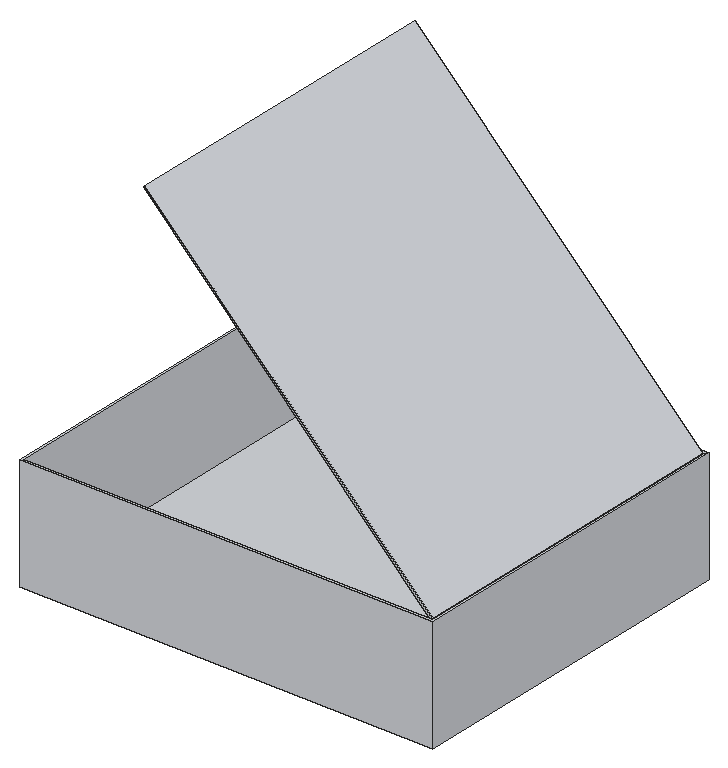
Revit family "Hager-Univers-IP41-leer-Aufputz-DE-de", category Electrical Equipment, host Face, Revit 2020
Family settings
  Host = Face
  Panel Configuration = Two Columns, Circuits Across
  Round Connector Dimension = Use Diameter
  Part Type = Panelboard
  Cut with Voids When Loaded = No
  Shared = No
  Room Calculation Point = No
Parameters (values of type "Aufputz IP41 B540 H450 T148 0 Teilungseinheiten - FB3008SN")
  Width Control [instance] = if([HG000006 - Unterputz], if([EF000846 - Einbaubreite] > min_whd, [EF000846 - Einbaubreite], min_whd), if([EF000008 - Breite] > min_whd, ([EF000008 - Breite]), min_whd))  # 540 mm
  Void Depth [instance] = if([HG000006 - Unterputz], Depth Control, 1 mm)  # 1 mm
  Type Comments = [HG000003 - Bereich]  # "Univers"
  System Height [instance] = Height Control - 2 * [HG000005 - Dicke]  # 444 mm
  Model = [HG000004 - Herstellerreferenz]  # "FB3008SN"
  HG000017 - Distanz zwischen den Polen = 18 mm
  HG000016 - 3D-Türsichtbarkeit [instance] = yes
  HG000015 - Sichtbarkeit der Türöffnung [instance] = no
  HG000014 - Tür rechts [instance] = yes
  HG000013 - Tür links [instance] = not([HG000014 - Tür rechts])  # no
  HG000012 - Türschwenkwinkel [instance] = 45.00°
  HG000011 - Leere Reihen von unten = no
  HG000010 - Asymmetrische Türen = no
  HG000009 - Doppelflügeligen Tür = no
  HG000008 - Anzahl der leeren Reihen = 0
  HG000007 - Anzahl der leeren Spalten = 0
  HG000006 - Unterputz = no
  HG000005 - Dicke = 3 mm  # constant formula
  HG000004 - Herstellerreferenz = "FB3008SN"
  HG000003 - Bereich = "Univers"
  HG000002 - Mit tür = yes
  HG000001 - Anzahl der Spalten = 0
  EF015941 - Signaldurchlassende Tür = no
  EF015777 - Neutralleiterklemmenblock = no
  EF015776 - Erdungsklemmenblock = no
  EF009212 - Ausführung Deckel = "EV000116 - geschlossen"
  EF006306 - Mit Schloss = no
  EF006244 - Transparenter Deckel/Tür = no
  EF005474 - Schutzart (IP) = "EV006416 - IP41"
  EF004462 - Art der Schließung = ""
  EF002950 - Breite in Teilungseinheiten = 0
  EF001596 - Werkstoff des Gehäuses = "EV000154 - sonstige"
  EF001134 - DIN-Schiene = no
  EF001131 - Innentiefe = 84 mm
  EF001088 - Anbaumöglichkeit = no
  EF001062 - EMV-Ausführung = no
  EF000846 - Einbaubreite = 300 mm
  EF000339 - Art der Abdeckung = "EV004216 - Tür"
  EF000332 - Einbauhöhe = 0 mm
  EF000266 - Anzahl der Reihen = 0
  EF000218 - Einbautiefe = 84 mm
  EF000118 - Mit Montageplatte = no
  EF000116 - RAL-Nummer = "9010"
  EF000049 - Tiefe = 148 mm
  EF000040 - Höhe = 450 mm
  EF000008 - Breite = 540 mm
  EF000007 - Farbe = "EV000202 - weiß"
  EF000003 - Montageart = "EV000384 - Aufputz"
  Arrow Offset [instance] = Depth Control / 8  # 18.5 mm
  Arrow Height [instance] = Depth Control - Arrow Offset  # 129.5 mm
  Host Offset [instance] = if([HG000006 - Unterputz], 0 mm, [EF000049 - Tiefe])  # 148 mm
  min_whd [instance] = (2 * [HG000005 - Dicke]) + 1 mm  # 7 mm
  Manufacturer = "Hager"  # constant formula
  Height Control [instance] = if([HG000006 - Unterputz], if([EF000332 - Einbauhöhe] > min_whd, [EF000332 - Einbauhöhe], min_whd), if([EF000040 - Höhe] > min_whd, ([EF000040 - Höhe]), min_whd))  # 450 mm
  Flush Mounted - Door Frame Width [instance] = if(([EF000040 - Höhe] - [EF000332 - Einbauhöhe]) > 0 mm, if([HG000006 - Unterputz], [EF000040 - Höhe] - [EF000332 - Einbauhöhe], 0 mm), 0 mm)  # 0 mm
  Depth Control [instance] = if([HG000006 - Unterputz], if([EF000218 - Einbautiefe] > 0 mm, [EF000218 - Einbautiefe], 1 mm), if([EF000049 - Tiefe] > 0 mm, ([EF000049 - Tiefe]), 1 mm))  # 148 mm
  Default Elevation = 0 mm
Types (3, lengths in mm): name | Width Control | System Height | Model | HG000004 - Herstellerreferenz | EF004462 - Art der Schließung | EF000846 - Einbaubreite | EF000049 - Tiefe | EF000040 - Höhe | EF000008 - Breite | Arrow Offset | Arrow Height | Host Offset | Height Control | Depth Control
  Aufputz IP41 B350 H350 T128 0 Teilungseinheiten - FB2008LN | 350 | 344 | "FB2008LN" | "FB2008LN" | "EV000154 - sonstige" | 200 | 128 | 350 | 350 | 16 | 112 | 128 | 350 | 128
  Aufputz IP41 B450 H450 T128 0 Teilungseinheiten - FB3008LN | 450 | 444 | "FB3008LN" | "FB3008LN" | "EV000154 - sonstige" | 300 | 128 | 450 | 450 | 16 | 112 | 128 | 450 | 128
  Aufputz IP41 B540 H450 T148 0 Teilungseinheiten - FB3008SN | 540 | 444 | "FB3008SN" | "FB3008SN" | "" | 300 | 148 | 450 | 540 | 18.5 | 129.5 | 148 | 450 | 148
Reference planes
  plane 1 "Center (Front/Back)": y = 0
  plane 2: z = 0
  plane 3 "Center (Left/Right)": x = 0
  plane 4: z = 148
  plane 5: y = 3
  plane 6: z = 143
  plane 7: y = 225
  plane 8: y = 0
  plane 9: y = 450
  plane 10: z = 0
  plane 11: x = -270
  plane 12: x = 270
  plane 13: x = 267
  plane 14: x = -267
  plane 15: y = 447
  plane 16: z = 3
  plane 17: z = 145
  plane 18: z = -1
  plane 19: z = 145
Forms (mm)
  Extrusion 1, solid
    sketch origin (-583.045, 0, 1219.2) x (-1, 0, 0) y (0, 0, 1)
      loop
        line (-313.045, -1071.2) -> (-853.045, -1071.2) -> (-853.045, -1219.2) -> (-313.045, -1219.2) -> (-313.045, -1071.2)
    from 0 to 450 <- "Height Control"
  Extrusion 2, void
    sketch origin (-381.607, -4572, 148) x (0, -1, 0) y (-1, 0, 0)
      loop
        line (-5019, -114.607) -> (-5019, -648.607) -> (-4575, -648.607) -> (-4575, -114.607) -> (-5019, -114.607)
    from 0 to 145
  Extrusion 3, void
    sketch origin (0, 0, 0) x (1, 0, 0) y (0, 1, 0)
      loop
        line (-270, 0) -> (270, 0) -> (270, 450) -> (-270, 450) -> (-270, 0)
    from -1 to 1
  Extrusion 4, solid, detail levels coarse+medium
    sketch origin (-381.607, -4572, 148) x (-1, 0, 0) y (0, -1, 0)
      loop
        line (-114.607, -5019) -> (-114.607, -4575) -> (-648.607, -4575) -> (-648.607, -5019) -> (-114.607, -5019)
    from 0 to -3
Cuts and joins
  Extrusion 2 cuts Extrusion 1
Dimensions and locks
  plane 4 to plane 6 = 5 mm
  "Host Offset": plane 4 to host face
  "Flush Mounted - Door Frame Width": plane 1 "Center (Front/Back)" to plane 8
  "HG000005 - Dicke": plane 5 to plane 8
  locked: connector elem to plane 3 "Center (Left/Right)"
  "Height Control": plane 9 to plane 8
  equal spacing: plane 9, plane 7, plane 8
  locked: connector elem to plane 7
  "Depth Control": plane 4 to plane 10
  "HG000005 - Dicke": plane 11 to plane 14
  "HG000005 - Dicke": plane 12 to plane 13
  equal spacing: plane 11, plane 3 "Center (Left/Right)", plane 12
  "Width Control": plane 11 to plane 12
  "Arrow Offset": nested 4 to plane 10
  "HG000005 - Dicke": plane 9 to plane 15
  "HG000005 - Dicke": plane 16 to plane 10
  "HG000005 - Dicke": plane 4 to plane 17
  "Void Depth": plane 2 to plane 18
  "HG000005 - Dicke": plane 4 to plane 19
  aligned and locked: plane 2 to host face
  aligned and locked: level to host face
  aligned and locked: plane 3 "Center (Left/Right)" to nested 2
  aligned and locked: nested 2 to plane 4
  aligned and locked: nested 2 to plane 8
  aligned and locked: nested 1 to plane 6
  aligned and locked: nested 1 to plane 5
  aligned and locked: nested 4 to plane 11
  aligned and locked: nested 3 to plane 4
  aligned and locked: Extrusion 1 sketch curve to plane 12
  aligned and locked: Extrusion 1 sketch curve to plane 11
  aligned and locked: nested 3 to plane 10
  aligned and locked: plane 10 to Extrusion 1 sketch curve
  aligned and locked: Extrusion 2 sketch curve to plane 5
  aligned and locked: Extrusion 2 sketch curve to plane 15
  aligned and locked: Extrusion 2 sketch curve to plane 14
  aligned and locked: Extrusion 2 sketch curve to plane 13
  aligned and locked: plane 11 to Extrusion 3 sketch curve
  aligned and locked: plane 9 to Extrusion 3 sketch curve
  aligned and locked: Extrusion 3 sketch curve to plane 8
  aligned and locked: plane 12 to Extrusion 3 sketch curve
  aligned and locked: nested 3 to plane 12
  aligned and locked: Extrusion 3 to plane 18
  aligned and locked: Extrusion 2 to plane 16
  aligned and locked: Extrusion 1 sketch curve to plane 4
  aligned and locked: Extrusion 4 to plane 17
  aligned and locked: Extrusion 4 sketch curve to plane 15
  aligned and locked: Extrusion 4 sketch curve to plane 13
  aligned and locked: Extrusion 4 sketch curve to plane 14
  aligned and locked: Extrusion 4 sketch curve to plane 5
Automatic sketch dimensions
  host sketch curve to host sketch curve = 1469.727 mm
  host sketch curve to host sketch curve = 1434.803 mm
Nested families
  nested 1: "Hager_Enclosure_System" at (0, 3, 143) x (1, 0, 0) z (0, 1, 0), Depth <- "HG000005 - Dicke", Height <- "System Height", Width <- "EF000008 - Breite", Border <- "HG000005 - Dicke", Flush_Mounted <- "HG000006 - Unterputz", Built-in_Width <- "EF000846 - Einbaubreite", Row_Module_Multiplicator <- "EF002950 - Breite in Teilungseinheiten", Total_No_Empty_Rows <- "HG000008 - Anzahl der leeren Reihen", Total_No_Rows <- "EF000266 - Anzahl der Reihen", Empty_Columns <- "HG000007 - Anzahl der leeren Spalten", Width_Control <- "Width Control", Empty_Rows_From_Bottom <- "HG000011 - Leere Reihen von unten", Distance_Between_Poles <- "HG000017 - Distanz zwischen den Polen", Rows_Count <- "EF000266 - Anzahl der Reihen", Columns_Count <- "HG000001 - Anzahl der Spalten", type "Hager_Enclosure_System", detail levels fine
    with Width_Control 540 mm, Width 540 mm, Total_No_Rows 0, Total_No_Empty_Rows 0, Total_No_Columns 1, System_Width 534 mm, Rows_Count 0, Rows_Column 0, Row_Module_Multiplicator 0, Panel_4 no, Panel_3 no, Panel_2 no, Panel_1 no, No_Panels_Ctrl 1, Hide_Columns yes, Height 444 mm, Flush_Mounted no, Empty_Rows_From_Bottom no, Empty_Rows_Column 0, Empty_Columns 0, Distance_Between_Poles 18 mm, Depth 3 mm, Columns_Count 0, Column_Width 534 mm, Built-in_Width 300 mm, Border 3 mm
  nested 2: "Hager_Enclosure_Door" at (0, 0, 148) x (1, 0, 0) z (0, 1, 0), Border <- "HG000005 - Dicke", Door_Right <- "HG000014 - Tür rechts", Flush_Mounted <- "HG000006 - Unterputz", Depth <- "EF000049 - Tiefe", Width <- "EF000008 - Breite", Door_Left <- "HG000013 - Tür links", 3d_Door <- "HG000016 - 3D-Türsichtbarkeit", BuiltIn_Width <- "EF000846 - Einbaubreite", BuiltIn_Height <- "EF000332 - Einbauhöhe", BuiltIn_Depth <- "EF000218 - Einbautiefe", Angle <- "HG000012 - Türschwenkwinkel", Assymetrical <- "HG000010 - Asymmetrische Türen", Double <- "HG000009 - Doppelflügeligen Tür", Clearance <- "HG000015 - Sichtbarkeit der Türöffnung", Transparent <- "EF006244 - Transparenter Deckel/Tür", Door <- "HG000002 - Mit tür", Height_Ctrl <- "Height Control", Width_Ctrl <- "Width Control", Height <- "EF000040 - Höhe", type "Hager_Enclosure_Door", detail levels medium+fine
    with min_wh 7 mm, Width_Ctrl 540 mm, Width 540 mm, Transparent_Door_No_Bottom_Border no, Transparent no, Leaf_Width 531 mm, Leaf_Tolerance 1.5 mm, Leaf_Height 441 mm, Leaf_2_Width 531 mm, Leaf_2_Offset 265.5 mm, Leaf_1_Width 531 mm, Leaf_1_Offset 265.5 mm, Height_Ctrl 450 mm, Height 450 mm, Frame_Width_Ctrl 240 mm, Frame_Width 240 mm, Frame_Internal_Offset 0 mm, Frame_Height_Ctrl 450 mm, Frame_Height 450 mm, Frame_Depth_Ctrl 1 mm, Frame_Depth 0 mm, Flush_Mounted no, Double_Clearance_Ctrl no, Double no, Door_Right_Ctrl yes, Door_Right yes, Door_Left_Ctrl no, Door_Left no, Door yes, Depth 148 mm, Clearance_Depth 531 mm, Clearance_Ctrl no, Clearance no, BuiltIn_Width 300 mm, BuiltIn_Height 0 mm, BuiltIn_Depth 84 mm, Border 3 mm, Assymetrical no, Angle 45.00°, 3d_Door yes
  nested 3: "Hager_Enclosure_Symbol_Triangle" at (-270, 0, 0) x (1, 0, 0) z (0, -1, 0), Depth <- "Depth Control", Width <- "Width Control", type "Hager_Enclosure_Symbol_Triangle"
    with Width_Ctrl 540 mm, Width 540 mm, Depth_Ctrl 148 mm, Depth 148 mm
  nested 4: "Hager_Enclosure_Symbol_Arrow" at (-270, 0, 18.5) x (1, 0, 0) z (0, -1, 0), Height <- "Arrow Height", type "Hager_Enclosure_Symbol_Arrow"
    with Width_Inside 9.713 mm, Width 116.55 mm, Height_Ctrl 129.5 mm, Height 129.5 mm
Connectors
  electrical at (0, 225, 0)
    settings: on plane 10, index 1, voltage 0 V, apparent load 0 VA, apparent load phase1 0 VA, apparent load phase2 0 VA, apparent load phase3 0 VA, power factor 1, load classification "Other", number of poles 1, system type 30, power factor state 1, is connector primary yes, connector utility no, sub classification motor no, connector description ""
Definition of nested family "Hager_Enclosure_Door"
  Parameters (values of type "Hager_Enclosure_Door")
    min_wh [instance] = (2 * Border) + 1 mm  # 11 mm
    Width_Ctrl [instance] = 400 mm
    Width [instance] = 500 mm
    Transparent_Door_No_Bottom_Border [instance] = no
    Transparent [instance] = yes
    Leaf_Width [instance] = if((Width_Ctrl - 2 * Border - 2 * Leaf_Tolerance) > 0 mm, (Width_Ctrl - 2 * Border - 2 * Leaf_Tolerance), min_wh)  # 387 mm
    Leaf_Tolerance [instance] = 1.5 mm  # constant formula
    Leaf_Height [instance] = if((Height_Ctrl - 2 * Border - 2 * Leaf_Tolerance) > 0 mm, (Height_Ctrl - 2 * Border - 2 * Leaf_Tolerance), min_wh)  # 387 mm
    Leaf_2_Width [instance] = if(and(and(Double, Assymetrical), Door_Left), (Leaf_Width / 3) - (Leaf_Tolerance / 2), if(and(and(Double, Assymetrical), Door_Right), (Leaf_Width / 3) * 2 - (Leaf_Tolerance / 2), if(and(Double, not(Assymetrical)), (Leaf_Width / 2) - Leaf_Tolerance, Leaf_Width)))  # 387 mm
    Leaf_2_Offset [instance] = if(and(Double, Assymetrical), Leaf_2_Width / 2, if(and(Double, not(Assymetrical)), Leaf_Width / 4, Leaf_Width / 2))  # 193.5 mm
    Leaf_1_Width [instance] = if(and(and(Double, Assymetrical), Door_Right), (Leaf_Width / 3) - (Leaf_Tolerance / 2), if(and(and(Double, Assymetrical), Door_Left), (Width / 3) * 2 - (Leaf_Tolerance / 2), if(and(Double, not(Assymetrical)), (Leaf_Width / 2) - Leaf_Tolerance, Leaf_Width)))  # 387 mm
    Leaf_1_Offset [instance] = if(and(Double, Assymetrical), Leaf_1_Width / 2, if(and(Double, not(Assymetrical)), Leaf_Width / 4, Leaf_Width / 2))  # 193.5 mm
    Height_Ctrl [instance] = 400 mm
    Height [instance] = 500 mm
    Frame_Width_Ctrl [instance] = if(Frame_Width > 0 mm, Frame_Width, 1 mm)  # 1 mm
    Frame_Width [instance] = Width - BuiltIn_Width  # 0 mm
    Frame_Internal_Offset [instance] = if(Flush_Mounted, Border, 0 mm)  # 5 mm
    Frame_Height_Ctrl [instance] = if(Frame_Height > 0 mm, Frame_Height, 1 mm)  # 1 mm
    Frame_Height [instance] = Height - BuiltIn_Height  # 0 mm
    Frame_Depth_Ctrl [instance] = if(Frame_Depth > 0 mm, Frame_Depth, 1 mm)  # 1 mm
    Frame_Depth [instance] = if(Depth - BuiltIn_Depth > 0 mm, if(Flush_Mounted, Depth - BuiltIn_Depth, 0 mm), 0 mm)  # 0 mm
    Flush_Mounted [instance] = yes
    Double_Clearance_Ctrl [instance] = and(Double, Clearance)  # no
    Double [instance] = no
    Door_Right_Ctrl [instance] = and(or(Door_Right, Double), Door)  # yes
    Door_Right [instance] = yes
    Door_Left_Ctrl [instance] = and(or(Door_Left, Double), Door)  # no
    Door_Left [instance] = no
    Door [instance] = yes
    Depth [instance] = 500 mm
    Default Elevation = 1219.2 mm
    Clearance_Material = none
    Clearance_Depth [instance] = if(Leaf_1_Width > Leaf_2_Width, Leaf_1_Width, Leaf_2_Width)  # 387 mm
    Clearance_Ctrl [instance] = and(not(Double), Clearance)  # yes
    Clearance [instance] = yes
    BuiltIn_Width [instance] = 500 mm
    BuiltIn_Height [instance] = 500 mm
    BuiltIn_Depth [instance] = 500 mm
    Border [instance] = 5 mm
    Assymetrical [instance] = yes
    Angle [instance] = 30.00°
    3d_Door [instance] = yes
  Reference planes
    plane 1 "Center (Front/Back)": y = 0
    plane 2 "Bottom": z = 0
    plane 3 "Center (Left/Right)": x = 0
    plane 4: z = 400
    plane 5: x = -200
    plane 6: x = 200
    plane 7: z = 395
    plane 8: x = -195
    plane 9: z = 5
    plane 10: x = 195
    plane 11: y = 0
    plane 12: z = 6.5
    plane 13: x = -582
    plane 14: y = -387
    plane 15: x = 582
    plane 16: x = 0
    plane 17: x = 0
    plane 18: x = -193.5
    plane 19: x = 193.5
    plane 20: z = 393.5
  Forms (mm)
    Extrusion 1, solid, visible <- "Flush_Mounted"
      sketch origin (0, 0, 0) x (1, 0, 0) y (0, 0, 1)
        loop
          line (195, 5) -> (195, 395) -> (-195, 395) -> (-195, 5) -> (195, 5)
        loop
          line (-201, 401) -> (-201, -1) -> (201, -1) -> (201, 401) -> (-201, 401)
      from 0 to 1 <- "Frame_Depth_Ctrl"
    Extrusion 2, solid, material <- "Clearance_Material", visible <- "Double_Clearance_Ctrl"
      sketch origin (1200, 0, 0) x (1, 0, 0) y (0, 0, -1)
        loop
          line (-1782, -393.5) -> (-618, -393.5) -> (-618, 0) -> (-1782, 0) -> (-1782, -393.5)
      from 0 to -387
  Dimensions and locks
    equal spacing: plane 5, plane 3 "Center (Left/Right)", plane 6
    "Width_Ctrl": plane 5 to plane 6
    "Border": plane 5 to plane 8
    "Border": plane 6 to plane 10
    "Border": plane 9 to level
    "Border": plane 4 to plane 7
    "Height_Ctrl": plane 4 to level
    "Leaf_Tolerance": plane 12 to plane 9
    "Frame_Depth": plane 11 to plane 1 "Center (Front/Back)"
    "Frame_Width_Ctrl": plane 5 to Extrusion 1 sketch curve
    "Frame_Width_Ctrl": plane 6 to Extrusion 1 sketch curve
    "Frame_Width_Ctrl": Extrusion 1 sketch curve to plane 4
    "Frame_Width_Ctrl": plane 2 "Bottom" to Extrusion 1 sketch curve
    "Leaf_1_Offset": plane 18 to plane 16
    "Leaf_2_Offset": plane 17 to plane 19
    "Leaf_1_Width": plane 13 to plane 8
    "Leaf_2_Width": plane 10 to plane 15
    "Clearance_Depth": plane 14 to plane 1 "Center (Front/Back)"
    "Leaf_Tolerance": plane 8 to plane 18
    "Leaf_Tolerance": plane 19 to plane 10
    "Leaf_Tolerance": plane 7 to plane 20
    "Frame_Internal_Offset": plane 5 to Extrusion 1 sketch curve
    "Frame_Internal_Offset": Extrusion 1 sketch curve to plane 2 "Bottom"
    "Frame_Internal_Offset": plane 6 to Extrusion 1 sketch curve
    "Frame_Internal_Offset": plane 4 to Extrusion 1 sketch curve
    aligned and locked: level to plane 2 "Bottom"
    aligned and locked: nested 1 to plane 16
    aligned and locked: nested 2 to plane 17
    aligned and locked: Extrusion 2 to plane 13
    aligned and locked: plane 15 to Extrusion 2
    aligned and locked: Extrusion 2 to plane 14
    aligned and locked: plane 12 to nested 1
    aligned and locked: nested 2 to plane 12
    aligned and locked: Extrusion 2 to plane 11
    aligned and locked: plane 20 to Extrusion 2
    aligned and locked: nested 2 to plane 11
    aligned and locked: nested 1 to plane 11
  Automatic sketch dimensions
    Extrusion 2 sketch curve to level = 0 mm
    plane 5 to Extrusion 2 sketch curve = 382 mm
    plane 6 to Extrusion 2 sketch curve = 382 mm
    Extrusion 2 sketch curve to plane 4 = 6.5 mm
  Nested families
    nested 1: "Hager_Enclosure_Door_Leaf" at (0, 0, 6.5), Width <- "Leaf_1_Width", visible <- "Door_Left_Ctrl", Leaf_Height <- "Leaf_Height", Angle <- "Angle", Depth <- "Border", 3d_Door <- "3d_Door", Transparent <- "Transparent", Clearance Material <- "Clearance_Material", Clearance <- "Clearance_Ctrl", Transparent_Door_No_Bottom_Border <- "Transparent_Door_No_Bottom_Border", type "Hager_Enclosure_Door_Leaf"
      with Width 387 mm, Transparent_Door_No_Bottom_Border no, Transparent_Door_Border_Bottom_Top 25 mm, Transparent_Door_Border 25 mm, Transparent_Ctrl yes, Transparent yes, Standard no, Leaf_Height 387 mm, Glass_Offset 1 mm, Depth 5 mm, Clearance Material none, Clearance yes, Angle_Ctrl 30.00°, Angle 30.00°, 3d_Door yes
    nested 2: "Hager_Enclosure_Door_Leaf" at (0, 0, 6.5) x (-1, 0, 0) z (0, 0, 1), Width <- "Leaf_2_Width", visible <- "Door_Right_Ctrl", Leaf_Height <- "Leaf_Height", Angle <- "Angle", Depth <- "Border", 3d_Door <- "3d_Door", Transparent <- "Transparent", Clearance Material <- "Clearance_Material", Clearance <- "Clearance_Ctrl", Transparent_Door_No_Bottom_Border <- "Transparent_Door_No_Bottom_Border", type "Hager_Enclosure_Door_Leaf"
      with Width 387 mm, Transparent_Door_No_Bottom_Border no, Transparent_Door_Border_Bottom_Top 25 mm, Transparent_Door_Border 25 mm, Transparent_Ctrl yes, Transparent yes, Standard no, Leaf_Height 387 mm, Glass_Offset 1 mm, Depth 5 mm, Clearance Material none, Clearance yes, Angle_Ctrl 30.00°, Angle 30.00°, 3d_Door yes
  Definition of nested family "Hager_Enclosure_Door_Leaf"
    Parameters (values of type "Hager_Enclosure_Door_Leaf")
      Width [instance] = 2000 mm
      Transparent_Door_No_Bottom_Border [instance] = yes
      Transparent_Door_Border_Bottom_Top [instance] = if(Transparent_Door_No_Bottom_Border, 0.1 mm, Transparent_Door_Border)  # 0.1 mm
      Transparent_Door_Border [instance] = if(Transparent_Door_No_Bottom_Border, (Width * 0.12), 25 mm)  # 240 mm
      Transparent_Ctrl [instance] = and(Transparent, [3d_Door])  # yes
      Transparent [instance] = yes
      Standard [instance] = and(not(Transparent), [3d_Door])  # no
      Leaf_Height [instance] = 2720.336 mm
      Glass_Offset [instance] = if((Depth - 10 mm) / 2 > 0 mm, (Depth - 10 mm) / 2, 1 mm)  # 15 mm
      Glass_Material = none
      Depth [instance] = 40 mm
      Default Elevation = 0 mm
      Clearance Material [instance] = none
      Clearance [instance] = yes
      Angle_Ctrl [instance] = if(Angle > 170.00°, 170.00°, Angle)  # 45.00°
      Angle [instance] = 45.00°
      3d_Door [instance] = yes
    Reference planes
      plane 1 "Center (Front/Back)": y = 0
      plane 2: z = 0
      plane 3 "Center (Left/Right)": x = 0
      plane 4: y = 2000
      plane 5: x = -1000
      plane 6: x = 1000
      plane 7: x = -3000
      plane 8: z = 2720.336
      plane 9: z = 0.1
      plane 10: z = 2720.236
      plane 11: x = 760
      plane 12: x = -760
    Forms (mm)
      Extrusion 1, solid, material <- "Clearance Material", visible <- "Clearance"
        sketch origin (0, 0, 0) x (1, 0, 0) y (0, 0, 1)
          loop
            line (-3000, 2720.336) -> (-3000, 0) -> (1000, 0) -> (1000, 2720.336) -> (-3000, 2720.336)
        from 0 to -2000
      Extrusion 2, solid, visible <- "Standard", detail levels medium+fine
        sketch origin (-1000, 0, 0) x (0.707107, 0.707107, 0) y (-0.707107, 0.707107, 0)
          loop
            line (0, -40) -> (2000, -40) -> (2000, 0) -> (0, 0) -> (0, -40)
        from 0 to 2720.336 <- "Leaf_Height"
      Extrusion 3, solid, visible <- "Transparent_Ctrl", detail levels medium+fine
        sketch origin (-1000, 0, 0) x (0.707107, 0.707107, 0) y (-0.707107, 0.707107, 0)
          loop
            line (0, -40) -> (2000, -40) -> (2000, 0) -> (0, 0) -> (0, -40)
        from 0 to 2720.336 <- "Leaf_Height"
      Extrusion 4, void, detail levels medium+fine
        sketch origin (-1000, 0, 0) x (-0.707107, 0.707107, 0) y (0.707107, 0.707107, 0)
          loop
            line (0, 240) -> (0, 1760) -> (-40, 1760) -> (-40, 240) -> (0, 240)
        from -2720.236 to -0.1
      Extrusion 5, solid, material <- "Glass_Material", visible <- "Transparent_Ctrl", detail levels medium+fine
        sketch origin (-1000, 0, 0) x (0.707107, 0.707107, 0) y (-0.707107, 0.707107, 0)
          loop
            line (240, -15) -> (240, -25) -> (1760, -25) -> (1760, -15) -> (240, -15)
        from 0.1 to 2720.236
    Cuts and joins
      Extrusion 4 cuts Extrusion 3
    Lines and regions (mm)
      symbolic lines
        curve 1: line (1000, 0, 0) -> (-3000, 0, 0)
        curve 2: arc (1000, 0, 0) -> (-1000, 2000, 0) -> (-3000, 0, 0) r 2000
        curve 4: line (-1000, 0, 0) -> (414.214, 1414.214, 0)
      reference lines
        curve 3: line (-1000, 0, 0) -> (414.214, 1414.214, 0)
      symbolic lines, detail levels medium+fine
        curve 5: line (414.214, 1414.214, 0) -> (442.498, 1385.929, 0)
        curve 6: line (442.498, 1385.929, 0) -> (-971.716, -28.284, 0)
        curve 7: line (-971.716, -28.284, 0) -> (-1000, 0, 0)
        curve 8: line (-1000, 0, 2720.336) -> (1000, 0, 2720.336)
        curve 9: line (-1000, 0, 0) -> (-1000, 0, 2720.336)
        curve 10: line (1000, 0, 0) -> (-1000, 0, 0)
        curve 11: line (1000, 0, 2720.336) -> (1000, 0, 0)
      symbolic lines, visible <- "Transparent_Ctrl", detail levels medium+fine
        curve 12: line (-760, 0, 2720.236) -> (760, 0, 2720.236)
        curve 13: line (-760, 0, 0.1) -> (-760, 0, 2720.236)
        curve 14: line (760, 0, 0.1) -> (-760, 0, 0.1)
        curve 15: line (760, 0, 2720.236) -> (760, 0, 0.1)
    Dimensions and locks
      "Width": plane 1 "Center (Front/Back)" to plane 4
      equal spacing: plane 5, plane 3 "Center (Left/Right)", plane 6
      "Width": plane 5 to plane 6
      "Width": plane 7 to plane 5
      "Leaf_Height": plane 8 to level
      "Depth": curve 6 to curve 3
      "Width": curve 5 to curve 3
      "Width": curve 3 to curve 3
      "Transparent_Door_Border": Extrusion 4 sketch curve to curve 7
      "Transparent_Door_Border": Extrusion 4 sketch curve to curve 5
      "Transparent_Door_Border_Bottom_Top": plane 8 to plane 10
      "Transparent_Door_Border_Bottom_Top": plane 9 to level
      "Glass_Offset": Extrusion 5 sketch curve to curve 4
      "Glass_Offset": Extrusion 5 sketch curve to curve 6
      "Transparent_Door_Border": Extrusion 5 sketch curve to curve 5
      "Transparent_Door_Border": Extrusion 5 sketch curve to curve 7
      "Transparent_Door_Border": plane 12 to plane 5
      "Transparent_Door_Border": plane 6 to plane 11
      "Angle_Ctrl": angle plane 1 "Center (Front/Back)" to curve 3
      aligned and locked: level to plane 2
      aligned and locked: Extrusion 1 to curve 1
      aligned and locked: plane 6 to Extrusion 1
      aligned and locked: Extrusion 1 to plane 1 "Center (Front/Back)"
      aligned and locked: plane 4 to Extrusion 1
      aligned and locked: plane 8 to Extrusion 1
      aligned and locked: curve 4 to curve 3
      aligned and locked: Extrusion 2 sketch curve to curve 7
      aligned and locked: Extrusion 2 sketch curve to curve 6
      aligned and locked: Extrusion 2 sketch curve to curve 5
      aligned and locked: Extrusion 2 sketch curve to curve 3
      aligned and locked: curve 7 to Extrusion 3 sketch curve
      aligned and locked: Extrusion 3 sketch curve to curve 4
      aligned and locked: Extrusion 3 sketch curve to curve 6
      aligned and locked: Extrusion 3 sketch curve to curve 5
      aligned and locked: curve 4 to Extrusion 4 sketch curve
      aligned and locked: curve 6 to Extrusion 4 sketch curve
      aligned and locked: Extrusion 4 to plane 9
      aligned and locked: Extrusion 4 to plane 10
      aligned and locked: Extrusion 5 to plane 9
      aligned and locked: Extrusion 5 to plane 10
      aligned and locked: curve 8 to plane 8
      aligned and locked: plane 5 to curve 9
      aligned and locked: plane 2 to curve 10
      aligned and locked: curve 11 to plane 6
      aligned and locked: plane 10 to curve 12
      aligned and locked: plane 12 to curve 13
      aligned and locked: curve 14 to plane 9
      aligned and locked: plane 11 to curve 15
    Automatic sketch dimensions
      plane 1 "Center (Front/Back)" to curve 2 = 0 mm
      curve 2 to plane 5 = 0 mm
      Extrusion 1 sketch curve to level = 0 mm
      Extrusion 1 sketch curve to plane 7 = 0 mm
      Extrusion 1 sketch curve to plane 6 = 0 mm
      Extrusion 1 sketch curve to plane 8 = 0 mm
      plane 1 "Center (Front/Back)" to curve 3 = 0 mm
      curve 3 to plane 5 = 0 mm
      curve 7 to curve 3 = 0 mm
Definition of nested family "Hager_Enclosure_Symbol_Triangle"
  Parameters (values of type "Hager_Enclosure_Symbol_Triangle")
    Width_Ctrl [instance] = if(Width > 1 mm, Width, 1 mm)  # 498 mm
    Width [instance] = 498 mm
    Depth_Ctrl [instance] = if(Depth > 1 mm, Depth, 1 mm)  # 72 mm
    Depth [instance] = 72 mm
  Reference planes
    plane 1 "Centre (avant/arrière)": y = 0
    plane 2: z = 0
    plane 3 "Centre (gauche/droite)": x = 0
  Lines and regions (mm)
    Filled region 1, type "Solid_Black", in view "Niveau de réf."
      outline origin (0, 0, 0) x (1, 0, 0) y (0, 1, 0)
        loop
          line (0, 0) -> (498, 0) -> (498, 72) -> (0, 0)
    reference lines, in view "Niveau de réf."
      curve 1: line (-206.153, 72, 0) -> (1083.258, 72, 0)
      curve 2: line (498, 405.456, 0) -> (498, -517.619, 0)
  Dimensions and locks
    "Depth_Ctrl": plane 1 "Centre (avant/arrière)" to curve 1
    "Width_Ctrl": plane 3 "Centre (gauche/droite)" to curve 2
    aligned and locked: curve 1 to Filled region 1 sketch curve
    aligned and locked: Filled region 1 sketch curve to plane 1 "Centre (avant/arrière)"
    aligned and locked: curve 2 to Filled region 1 sketch curve
    aligned and locked: plane 3 "Centre (gauche/droite)" to Filled region 1 sketch curve
    aligned and locked: plane 1 "Centre (avant/arrière)" to Filled region 1 sketch curve
  Automatic sketch dimensions
    curve 1 to plane 3 "Centre (gauche/droite)" = 206.153 mm
    curve 2 to curve 1 = 585.258 mm
    plane 1 "Centre (avant/arrière)" to curve 2 = 517.619 mm
    curve 2 to plane 1 "Centre (avant/arrière)" = 405.456 mm
Definition of nested family "Hager_Enclosure_Symbol_Arrow"
  Parameters (values of type "Hager_Enclosure_Symbol_Arrow")
    Width_Inside [instance] = if(Width / 12 > 2 mm, Width / 12, 2 mm)  # 4.987 mm
    Width [instance] = if(Height_Ctrl * 0.9 > 2 mm, Height_Ctrl * 0.9, 2 mm)  # 59.85 mm
    Height_Ctrl [instance] = if(Height > 2 mm, Height, 2 mm)  # 66.5 mm
    Height [instance] = 66.5 mm
  Reference planes
    plane 1 "Centre (avant/arrière)": y = 0
    plane 2: z = 0
    plane 3 "Centre (gauche/droite)": x = 0
    plane 4: x = 59.85
    plane 5: y = 28.263
    plane 6: y = 38.238
    plane 7: y = 66.5
    plane 8: x = 29.925
    plane 9: y = 33.25
  Lines and regions (mm)
    Filled region 1, type "Solid_Black", in view "Niveau de réf."
      outline origin (0, 0, 0) x (1, 0, 0) y (0, 1, 0)
        loop
          line (59.85, 66.5) -> (37.929, 52.827) -> (51.846, 41.935) -> (59.85, 66.5)
    detail lines, in view "Niveau de réf."
      curve 1: line (0, 0, 0) -> (29.925, 38.238, 0)
      curve 2: line (29.925, 38.238, 0) -> (29.925, 28.263, 0)
      curve 3: line (29.925, 28.263, 0) -> (59.85, 66.5, 0)
  Dimensions and locks
    "Width": plane 3 "Centre (gauche/droite)" to plane 4
    "Height_Ctrl": plane 7 to plane 1 "Centre (avant/arrière)"
    equal spacing: plane 3 "Centre (gauche/droite)", plane 8, plane 4
    equal spacing: plane 7, plane 9, plane 1 "Centre (avant/arrière)"
    equal spacing: plane 6, plane 9, plane 5
    "Width_Inside": plane 6 to plane 9
    equal spacing: curve 3, Filled region 1 sketch curve, Filled region 1 sketch curve
    angle Filled region 1 sketch curve to curve 3 = 20.00°
    angle curve 3 to Filled region 1 sketch curve = 20.00°
    locked: curve 3 to Filled region 1 sketch curve (angle 90.00°)
  Automatic sketch dimensions
    plane 1 "Centre (avant/arrière)" to curve 1 = 0 mm
    curve 1 to plane 3 "Centre (gauche/droite)" = 0 mm
    curve 2 to plane 6 = 0 mm
    curve 3 to plane 8 = 0 mm
    curve 3 to plane 4 = 0 mm
    curve 2 to plane 5 = 0 mm
    curve 3 to plane 7 = 0 mm
    Filled region 1 sketch curve to plane 4 = 0 mm
    Filled region 1 sketch curve to plane 7 = 0 mm
